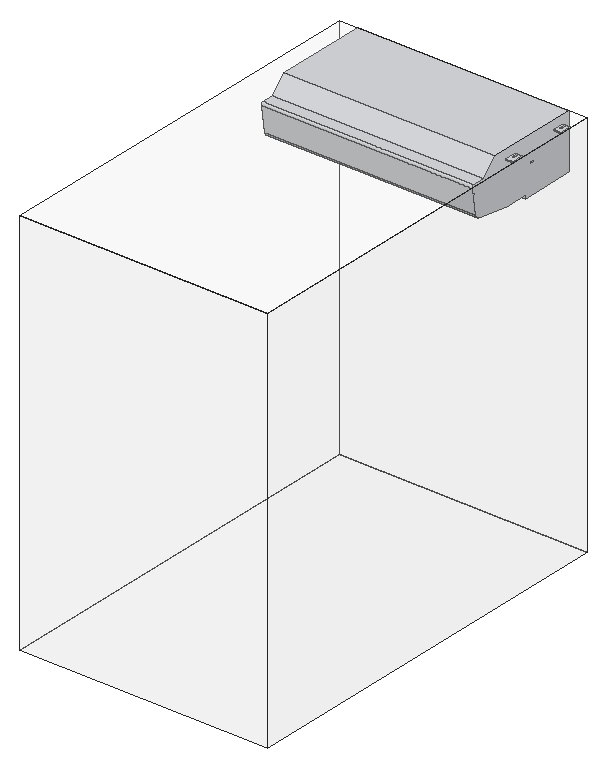
Revit family "pc-rp80_140ha17_60Hz", category 機械設備, Revit 2019
Family settings
  丸型コネクタ寸法 = 直径を使用
  パーツ タイプ = 標準
  OmniClass 番号 = 23.75.10.24.21.27.27
  OmniClass タイトル = Split System Air Conditioning Units
  作業面ベース = いいえ
  常に垂直 = はい
  ロード時にボイドで切り取り = いいえ
  共有 = いいえ
  部屋計算ポイント = はい
Parameters (values of type "厨房天吊_PC-RP80HA17")
  風量_強 (m3/min) = 17
  風量_弱 (m3/min) = 15
  風量 = MAX風量  # 1020.0 m³/h
  音響パワーレベル（弱）(dB) = 55
  音響パワーレベル(dB) = 57
  電源種別 = ""
  電源_H = 0 mm
  電圧_電気ヒーター = 0 V
  電圧 = 200 V
  電動機出力_送風機 = 0.04 kW
  運転質量 = 0.00 kg
  連動 = ""
  質量 = if(製品質量 > 運転質量, 製品質量, 運転質量) * 1.2  # 50.40 kg
  負荷分類 = 3_ファン類
  構成品番 = "PC-RP80HA17"
  冷媒液管位置 = 175 mm
  冷媒ガス管位置 = 197 mm
  ドレン管径 (外径) = 32 mm
  MIN風量 = [風量_弱 (m3/min)] * 60.0 m³/h  # 900.0 m³/h
  MAX風量 = [風量_強 (m3/min)] * 60.0 m³/h  # 1020.0 m³/h
  サービススペース = yes
  ケーブルサイズ = 0 mm
  Version = ""
  URL = "https://www.mitsubishielectric.co.jp/ldg/wink/ssl/displayProduct.do?pid=311481"
  Line = not(Width = 1136 mm)  # no
  説明 = "店舗・事務所用パッケージエアコン(Mr.SLIM) 厨房用(天吊形)"
  設計暖房能力 = 0.00 kW
  設計冷房能力_顕熱 = 0 kW
  設計冷房能力 = 0 kW
  設置方法 = "天井吊形"
  記号 = ""
  製造元 = "三菱電機株式会社"
  製品質量 = 42.00 kg
  製品出荷対象 = "国内"
  製品リリース年月 = "2021/05/10"
  製品グループ = ""
  系統 = ""
  符号 = "PAC_CRK"
  積算_科目 = "1 空気調和設備"
  積算_拾い区分 [instance] = ""
  相 = 1
  盤記号 = ""
  発停方法 = "付属スイッチ"
  特殊仕様 = ""
  火災停止 = ""
  消費電力_電気ヒーター = 0.00 kW
  消費電力_暖房 = 0.14 kW
  消費電力_加湿器 = 0.00 kW
  消費電力_冷房 = 0.14 kW
  消費電力 = if(消費電力_冷房 > 消費電力_暖房, 消費電力_冷房, 消費電力_暖房) + 消費電力_加湿器 + 消費電力_電気ヒーター  # 0.14 kW
  法定耐用年数 = "6"
  極数 = 1
  材質 = ""
  本体マテリアル = none
  有効加湿量 = 0
  暖房能力 = 8.00 kW
  推奨ブレーカー容量 = 0 A
  形式_加湿器 = ""
  形式 = "厨房用天井吊（露出）形"
  幹線記号 = ""
  始動方式 = "直入"
  呼称 = "室内機_厨房用天井吊（露出）形"
  周波数 = 60 Hz
  吊り位置Y = 320 mm
  吊り位置X = 1180 mm
  吊りボルト_H = 43 mm
  台数_手元リモコン = ""
  台数_冷媒分岐ユニット = ""
  参照している仕様書等のバージョン = "公共建築工事標準仕様書（機械設備工事編）平成31年度版"
  加湿給水管径 = 0.00 mm
  分類コード = "50053003123100"
  分類グループ = ""
  冷房能力 = 7.1 kW
  冷媒高低圧ガス管径 = 0.00 mm
  冷媒管径符号 = "Bd"
  冷媒管径 = 100.00 mm
  冷媒液管高さ = 165 mm
  冷媒液管径 = 9.52 mm
  冷媒ガス管高さ = 165 mm
  冷媒ガス管径 = 15.88 mm
  企業コード = "108420"
  付属品_フィルター = ""
  付属品 = ""
  仕様書バージョン = "Version1.0"
  Model = ""
  パネルマテリアル = none
  ドレン管高さ = 254 mm
  ドレン管径 = 25.00 mm
  コメント [instance] = ""
  ケーブル種類 = ""
  Width = 1136 mm
  Uniclass2015Version = "Systems v1.9"
  Uniclass2015Title = "Split coil remote air cooled condensing units"
  Uniclass2015Code = "Pr_70_65_03_84"
  SpecificationReference = ""
  SpecificationDescription = ""
  S_H = 295 mm
  Revision = ""
  ProductInformation = ""
  OmniClassCode = "23-33 17 13 11"
  IfcTypeProduct = ""
  IfcProduct = ""
  IfcExportType = "AIRCONDITIONINGUNIT"
  IfcExportAs = "IfcUnitaryEquipmentType"
  Height = 280 mm
  Depth = 650 mm
  価格 = 470000
  Clearance Top = 2 mm
  Clearance Right = 100 mm
  Clearance Left = 100 mm
  Clearance Front = 1500 mm
  Clearance Bottom = 1800 mm
  Clearance Back = 0 mm
  Author = "三菱電機株式会社"
Types (2, lengths in mm): name | 風量_強 (m3/min) | 風量_弱 (m3/min) | 風量 | 音響パワーレベル（弱）(dB) | 音響パワーレベル(dB) | 電動機出力_送風機 | 質量 | 構成品番 | MIN風量 | MAX風量 | URL | Line | 製品質量 | 消費電力_暖房 | 消費電力_冷房 | 消費電力 | 暖房能力 | 吊り位置X | 冷房能力 | Width | 価格
  厨房天吊_PC-RP140HA17 | 38 | 28 | 2280.0 m³/h | 61 | 68 | 0.16 kW | 67.20 kg | "PC-RP140HA17" | 1680.0 m³/h | 2280.0 m³/h | "https://www.mitsubishielectric.co.jp/ldg/wink/ssl/displayProduct.do?pid=311482" | yes | 56.00 kg | 0.34 kW | 0.34 kW | 0.34 kW | 14.00 kW | 1564 | 12.5 kW | 1520 | 580000
  厨房天吊_PC-RP80HA17 | 17 | 15 | 1020.0 m³/h | 55 | 57 | 0.04 kW | 50.40 kg | "PC-RP80HA17" | 900.0 m³/h | 1020.0 m³/h | "https://www.mitsubishielectric.co.jp/ldg/wink/ssl/displayProduct.do?pid=311481" | no | 42.00 kg | 0.14 kW | 0.14 kW | 0.14 kW | 8.00 kW | 1180 | 7.1 kW | 1136 | 470000
Reference planes
  plane 1 "中心(正面/背面)": y = 0
  plane 2: z = 0
  plane 3 "中心(左/右)": x = 0
  plane 4: x = 523
  plane 5: z = 3835
  plane 6: x = 438
  plane 7: z = 3835
  plane 8: x = 463
  plane 9: z = 3746
  plane 10: x = 668
  plane 11: x = 568
  plane 12: x = -668
  plane 13: x = -568
  plane 14: y = -650
  plane 15: z = -280
  plane 16: y = -2150
  plane 17: x = -590
  plane 18: x = 590
  plane 19: z = -2095
  plane 20: z = -295
  plane 21: x = 558.3
  plane 22: y = -80
  plane 23: y = -400
  plane 24: y = -325
  plane 25: y = -197
  plane 26: y = -175
  plane 27: y = -70
  plane 28: z = -43
  plane 29: z = -165
  plane 30: z = -254
  plane 31: x = 523
  plane 32: x = 438
  plane 33: x = 463
  plane 34: x = 463
  plane 35: z = 3746
  plane 36: z = 2
  plane 37: z = -95
  plane 38: z = -165
Forms (mm)
  Extrusion 1, solid
    sketch origin (0, -325, -4000) x (0, 1, 0) y (0, 0, 1)
      loop
        line (325, 4000) -> (-171.734, 4000) -> (-246.938, 3924.796) -> (-313.202, 3924.796)
        arc (-313.202, 3924.796) -> (-322.395, 3920.509) -> (-325.02, 3910.712) r 12
        line (-325.02, 3910.712) -> (-299.97, 3768.648)
        arc (-299.97, 3768.648) -> (-294.972, 3759.046) -> (-285.369, 3754.047) r 18
        line (-285.369, 3754.047) -> (-92.277, 3720) -> (35.069, 3720) -> (35.069, 3705) -> (325, 3705) -> (325, 4000)
    from -568 to 568
  Extrusion 2, solid, detail levels fine
    sketch origin (0, 0, 0) x (0, 0, -1) y (-1, 0, 0)
      loop
        circle (165.005, -523) r 7.94
    from -325 to -197
  Extrusion 3, solid, detail levels fine
    sketch origin (0, 0, 0) x (0, 0, -1) y (-1, 0, 0)
      loop
        circle (165.005, -438) r 4.76
    from -175 to -325
  Extrusion 4, solid, detail levels fine
    sketch origin (0, 0, 0) x (0, 0, -1) y (-1, 0, 0)
      loop
        circle (254.005, -463) r 16
    from -70 to -325
  Extrusion 5, solid, detail levels fine
    sketch origin (0, 0, -4000) x (1, 0, 0) y (0, 1, 0)
      loop
        line (568, -370) -> (568, -430) -> (612, -430) -> (612, -370) -> (595, -370) -> (595, -400)
        arc (595, -400) -> (590, -405) -> (585, -400) r 5
        line (585, -400) -> (585, -370) -> (568, -370)
    from 3954.5 to 3959.5
  Extrusion 6, solid, detail levels fine
    sketch origin (0, 320, -4000) x (1, 0, 0) y (0, 1, 0)
      loop
        line (568, -370) -> (568, -430) -> (612, -430) -> (612, -370) -> (595, -370) -> (595, -400)
        arc (595, -400) -> (590, -405) -> (585, -400) r 5
        line (585, -400) -> (585, -370) -> (568, -370)
    from 3954.5 to 3959.5
  Extrusion 7, solid, detail levels fine
    sketch origin (-1180, 0, -4000) x (1, 0, 0) y (0, 1, 0)
      loop
        line (568, -370) -> (568, -430) -> (612, -430) -> (612, -370) -> (595, -370) -> (595, -400)
        arc (595, -400) -> (590, -405) -> (585, -400) r 5
        line (585, -400) -> (585, -370) -> (568, -370)
    from 3954.5 to 3959.5
  Extrusion 8, solid, detail levels fine
    sketch origin (-1180, 320, -4000) x (1, 0, 0) y (0, 1, 0)
      loop
        line (568, -370) -> (568, -430) -> (612, -430) -> (612, -370) -> (595, -370) -> (595, -400)
        arc (595, -400) -> (590, -405) -> (585, -400) r 5
        line (585, -400) -> (585, -370) -> (568, -370)
    from 3954.5 to 3959.5
  Extrusion 9, solid, detail levels fine
    sketch origin (-3.482, 0, 0) x (1, 0, 0) y (0, 0, 1)
      loop
        circle (483.982, -165) r 50
    from 0 to 5
  Extrusion 10, solid, detail levels fine
    sketch origin (0, 160, 0) x (0, 0, -1) y (-1, 0, 0)
      loop
        circle (254.005, -463) r 16
    from -160 to -165
Lines and regions (mm)
  model lines, detail levels fine
    curve 1: line (-493, -647.647, -102.744) -> (-493, -628.546, -211.073)
    curve 2: line (493, -647.647, -102.744) -> (493, -628.546, -211.073)
    curve 3: line (-493, -647.647, -102.744) -> (493, -647.647, -102.744)
    curve 4: line (493, -628.546, -211.073) -> (-493, -628.546, -211.073)
Dimensions and locks
  equal spacing: plane 13, plane 3 "中心(左/右)", plane 11
  "Width": plane 13 to plane 11
  "Clearance Right": plane 11 to plane 10
  "Clearance Left": plane 12 to plane 13
  "Depth": plane 14 to plane 1 "中心(正面/背面)"
  "Height": level to plane 15
  "Clearance Front": plane 16 to plane 14
  equal spacing: plane 17, plane 3 "中心(左/右)", plane 18
  "吊り位置X": plane 17 to plane 18
  "S_H": level to plane 20
  locked: plane 21 to plane 11 at 9.7
  locked: plane 22 to plane 1 "中心(正面/背面)" at 80
  "吊り位置Y": plane 22 to plane 23
  plane 27 to plane 1 "中心(正面/背面)" = 70 mm
  "冷媒液管位置": plane 26 to plane 1 "中心(正面/背面)"  (x2)
  "冷媒ガス管位置": plane 25 to plane 1 "中心(正面/背面)"  (x2)
  plane 24 to plane 25 = 128 mm
  plane 24 to plane 26 = 150 mm
  "Clearance Bottom": plane 20 to plane 19
  "吊りボルト_H": level to plane 28
  level to plane 29 = 165 mm
  level to plane 30 = 254 mm
  plane 31 to plane 11 = 45 mm
  plane 32 to plane 31 = 85 mm
  plane 33 to plane 11 = 105 mm
  "Clearance Back": plane 1 "中心(正面/背面)" to nested 1
  equal spacing: plane 32, Extrusion 9 sketch curve, plane 31
  "Clearance Top": plane 36 to plane 2
  "冷媒ガス管高さ": plane 2 to plane 29
  "冷媒液管高さ": Extrusion 1 to plane 38
  "冷媒液管径": diameter of Extrusion 3 sketch curve
  "冷媒ガス管径": diameter of Extrusion 2 sketch curve
  "ドレン管径 (外径)": diameter of Extrusion 4 sketch curve
  "ドレン管径 (外径)": diameter of Extrusion 10 sketch curve
  aligned and locked: level to plane 2
  aligned and locked: plane 11 to Extrusion 1
  aligned and locked: plane 13 to Extrusion 1
  aligned and locked: plane 12 to nested 1
  aligned and locked: nested 1 to plane 10
  aligned and locked: plane 17 to nested 2
  aligned and locked: nested 2 to plane 18
  aligned and locked: plane 20 to Extrusion 1
  aligned and locked: plane 19 to nested 1
  aligned and locked: plane 21 to nested 3
  aligned and locked: nested 1 to plane 16
  aligned and locked: plane 22 to nested 2
  aligned and locked: plane 23 to nested 2
  aligned and locked: plane 1 "中心(正面/背面)" to nested 1
  aligned and locked: plane 36 to nested 1
Automatic sketch dimensions
  Extrusion 1 sketch curve to level = 0 mm
  Extrusion 1 sketch curve to plane 15 = 0 mm
  Extrusion 1 sketch curve to plane 20 = 0 mm
  Extrusion 1 sketch curve to plane 1 "中心(正面/背面)" = 0 mm
  plane 24 to Extrusion 1 sketch curve = 35.069 mm
  Extrusion 1 sketch curve to plane 23 = 17.277 mm
  Extrusion 1 sketch curve to plane 23 = 96.734 mm
  Extrusion 1 sketch curve to plane 28 = 32.204 mm
  plane 14 to Extrusion 1 sketch curve = 78.062 mm
  plane 14 to Extrusion 1 sketch curve = 42.756 mm
  plane 30 to Extrusion 1 sketch curve = 8.047 mm
  Extrusion 1 sketch curve to Extrusion 1 sketch curve = 3.126 mm
  Extrusion 1 sketch curve to Extrusion 1 sketch curve = 17.727 mm
  plane 14 to Extrusion 1 sketch curve = 11.798 mm
  Extrusion 1 sketch curve to plane 14 = 0.02 mm
  Extrusion 1 sketch curve to Extrusion 1 sketch curve = 14.601 mm
  Extrusion 1 sketch curve to Extrusion 1 sketch curve = 14.084 mm
  Extrusion 1 to curve 3 = 13.664 mm
  curve 2 to Extrusion 1 = 20.591 mm
  Extrusion 1 to curve 1 = 75 mm
  Extrusion 1 to curve 3 = 75 mm
  Extrusion 5 sketch curve to plane 11 = 0 mm
  Extrusion 5 sketch curve to plane 23 = 0 mm
  Extrusion 5 sketch curve to plane 18 = 0 mm
  Extrusion 5 sketch curve to Extrusion 5 sketch curve = 5 mm
  Extrusion 5 sketch curve to plane 18 = 22 mm
  Extrusion 5 sketch curve to plane 23 = 30 mm
  plane 23 to Extrusion 5 sketch curve = 30 mm
  Extrusion 5 sketch curve to Extrusion 5 sketch curve = 0 mm
  Extrusion 6 sketch curve to plane 11 = 0 mm
  Extrusion 6 sketch curve to plane 22 = 0 mm
  Extrusion 6 sketch curve to plane 18 = 0 mm
  Extrusion 6 sketch curve to Extrusion 6 sketch curve = 5 mm
  Extrusion 6 sketch curve to plane 18 = 22 mm
  Extrusion 6 sketch curve to plane 22 = 30 mm
  plane 27 to Extrusion 6 sketch curve = 20 mm
  Extrusion 6 sketch curve to Extrusion 6 sketch curve = 0 mm
  Extrusion 7 sketch curve to plane 23 = 0 mm
  Extrusion 7 sketch curve to plane 17 = 0 mm
  Extrusion 7 sketch curve to plane 13 = 0 mm
  Extrusion 7 sketch curve to plane 17 = 5 mm
  Extrusion 7 sketch curve to plane 17 = 22 mm
  Extrusion 7 sketch curve to plane 23 = 30 mm
  plane 23 to Extrusion 7 sketch curve = 30 mm
  Extrusion 7 sketch curve to Extrusion 7 sketch curve = 0 mm
  Extrusion 8 sketch curve to plane 22 = 0 mm
  Extrusion 8 sketch curve to plane 17 = 0 mm
  Extrusion 8 sketch curve to plane 13 = 0 mm
  Extrusion 8 sketch curve to plane 17 = 5 mm
  Extrusion 8 sketch curve to plane 17 = 22 mm
  Extrusion 8 sketch curve to plane 22 = 30 mm
  plane 27 to Extrusion 8 sketch curve = 20 mm
  Extrusion 8 sketch curve to Extrusion 8 sketch curve = 0 mm
  Extrusion 9 sketch curve to plane 29 = 0 mm
  Extrusion 1 to Extrusion 2 sketch curve = 45 mm
  Extrusion 2 sketch curve to Extrusion 1 = 129.995 mm
  Extrusion 3 sketch curve to Extrusion 1 = 129.995 mm
  Extrusion 1 to Extrusion 3 sketch curve = 130 mm
  Extrusion 4 sketch curve to Extrusion 1 = 40.995 mm
  Extrusion 1 to Extrusion 4 sketch curve = 105 mm
  plane 33 to Extrusion 10 sketch curve = 0 mm
  Extrusion 10 sketch curve to plane 30 = 0.005 mm
  radius of Extrusion 9 sketch curve = 50 mm
Nested families
  nested 1: "サービススペース" at (0, -1075, -1046.5), visible <- "サービススペース", type "サービススペース"
    with Width 1336 mm, Height 2097 mm, Depth 2150 mm
  nested 2: "固定点" at (-590, -400, 0), type "固定点"
    with W 1180 mm, D 320 mm
  nested 3: "吸込口" at (-192, 0, -4000), Width <- "Width", type "吸込口"
    with Width 1136 mm, Line no
Connectors
  piping at (480.5, 0, -165), diameter 100, driven by "冷媒管径", driven by "冷媒管径符号"
    settings: on Extrusion 9, index 1, connector inside diameter 609.60 mm, connector length 0 mm, flow factor 0, pipe flow 0.0 L/s, pressure drop 0.0 Pa, fitting loss kfactor 0, connector angle 0.00°, fixture units 0, engagement length 0 mm, angle of deflection 0.00°, flow configuration 1, flow direction 1, fitting loss method 4, system type 7, joint type 0, gender type 0, connector reference index -1, connector utility 0, adjustable connector no, is connector primary yes, connector description "Bd"
  piping at (463, 0, -254.005), diameter 32, driven by "ドレン管径 (外径)"
    settings: on Extrusion 10, index 2, connector inside diameter 609.60 mm, connector length 0 mm, flow factor 0, pipe flow 0.0 L/s, pressure drop 0.0 Pa, fitting loss kfactor 0, connector angle 0.00°, fixture units 0, engagement length 0 mm, angle of deflection 0.00°, flow configuration 1, flow direction 2, fitting loss method 4, system type 16, joint type 0, gender type 0, connector reference index -1, connector utility 0, adjustable connector no, is connector primary no, connector description ""
  electrical at (568, -417.216, -169.727), driven by "極数", driven by "負荷分類", driven by "電圧", driven by "消費電力"
    settings: on Extrusion 1, index 3, voltage 200 V, apparent load 140 VA, apparent load phase1 0 VA, apparent load phase2 0 VA, apparent load phase3 0 VA, power factor 1, load classification "3_ファン類", number of poles 1, system type 30, power factor state 1, is connector primary yes, connector utility no, sub classification motor no, connector description ""
Definition of nested family "サービススペース"
  Parameters (values of type "サービススペース")
    Width [instance] = 500 mm
    Height [instance] = 500 mm
    Depth [instance] = 500 mm
  Reference planes
    plane 1 "中心(正面/背面)": y = 0
    plane 2: z = 0
    plane 3 "中心(左/右)": x = 0
    plane 4: y = -250
    plane 5: x = 250
    plane 6: y = 250
    plane 7: x = -250
    plane 8: z = 250
    plane 9: z = -250
  Forms (mm)
    Extrusion 1, solid
      sketch origin (-638.939, 0, 72.39) x (1, 0, 0) y (0, 1, 0)
        loop
          line (388.939, 250) -> (388.939, -250) -> (888.939, -250) -> (888.939, 250) -> (388.939, 250)
      from -322.39 to 177.61
  Lines and regions (mm)
    symbolic lines
      curve 1: line (-250, 0, 250) -> (250, 0, 250)
      curve 2: line (-250, 0, -250) -> (-250, 0, 250)
      curve 3: line (250, 0, -250) -> (-250, 0, -250)
      curve 4: line (250, 0, 250) -> (250, 0, -250)
      curve 5: line (0, -250, 250) -> (0, 250, 250)
      curve 6: line (0, -250, -250) -> (0, -250, 250)
      curve 7: line (0, 250, -250) -> (0, -250, -250)
      curve 8: line (0, 250, 250) -> (0, 250, -250)
      curve 9: line (-250, 250, 0) -> (250, 250, 0)
      curve 10: line (-250, -250, 0) -> (-250, 250, 0)
      curve 11: line (250, -250, 0) -> (-250, -250, 0)
      curve 12: line (250, 250, 0) -> (250, -250, 0)
  Dimensions and locks
    equal spacing: plane 7, plane 3 "中心(左/右)", plane 5
    equal spacing: plane 4, plane 1 "中心(正面/背面)", plane 6
    "Depth": plane 4 to plane 6
    "Width": plane 7 to plane 5
    equal spacing: plane 8, plane 2, plane 9
    "Height": plane 8 to plane 9
    aligned and locked: plane 9 to curve 3
    aligned and locked: plane 7 to curve 2
    aligned and locked: curve 4 to plane 5
    aligned and locked: plane 5 to Extrusion 1
    aligned and locked: Extrusion 1 to plane 7
    aligned and locked: Extrusion 1 to plane 9
    aligned and locked: plane 8 to Extrusion 1
    aligned and locked: plane 9 to curve 7
  Automatic sketch dimensions
    plane 4 to Extrusion 1 sketch curve = 0 mm
    Extrusion 1 sketch curve to plane 7 = 0 mm
    Extrusion 1 sketch curve to plane 5 = 0 mm
    plane 6 to Extrusion 1 sketch curve = 0 mm
    curve 2 to plane 8 = 0 mm
    plane 4 to curve 11 = 0 mm
    curve 11 to plane 7 = 0 mm
    curve 11 to plane 5 = 0 mm
    plane 6 to curve 10 = 0 mm
    curve 7 to plane 4 = 0 mm
    curve 7 to plane 6 = 0 mm
    curve 6 to plane 8 = 0 mm
Definition of nested family "固定点"
  Parameters (values of type "固定点")
    中心円 = 20 mm
    W [instance] = 1000 mm
    D [instance] = 1000 mm
  Reference planes
    plane 1 "中心(正面/背面)": y = 0
    plane 2: z = 0
    plane 3 "中心(左/右)": x = 0
    plane 4: x = 1000
    plane 5: y = 1000
  Lines and regions (mm)
    symbolic lines, detail levels fine
      curve 1: circle (0, 1000, 0) r 10 normal (0, 0, 1)
      curve 2: circle (0, 0, 0) r 10 normal (0, 0, 1)
      curve 3: circle (1000, 1000, 0) r 10 normal (0, 0, 1)
      curve 4: circle (1000, 0, 0) r 10 normal (0, 0, 1)
      curve 5: line (-200, 1000, 0) -> (1200, 1000, 0)
      curve 6: line (-200, 0, 0) -> (1200, 0, 0)
      curve 7: line (0, 1200, 0) -> (0, -200, 0)
      curve 8: line (1000, 1200, 0) -> (1000, -200, 0)
  Dimensions and locks
    "W": plane 3 "中心(左/右)" to plane 4
    "D": plane 1 "中心(正面/背面)" to plane 5
    "中心円": diameter of curve 1
    "中心円": diameter of curve 2
    "中心円": diameter of curve 3
    "中心円": diameter of curve 4
    aligned and locked: level to plane 2
    aligned and locked: plane 5 to curve 1
    aligned and locked: plane 3 "中心(左/右)" to curve 1
    aligned and locked: plane 3 "中心(左/右)" to curve 2
    aligned and locked: plane 1 "中心(正面/背面)" to curve 2
    aligned and locked: plane 4 to curve 3
    aligned and locked: plane 5 to curve 3
    aligned and locked: plane 1 "中心(正面/背面)" to curve 4
    aligned and locked: plane 4 to curve 4
    aligned and locked: plane 1 "中心(正面/背面)" to curve 6
    aligned and locked: curve 7 to plane 3 "中心(左/右)"
    aligned and locked: curve 8 to plane 4
  Automatic sketch dimensions
    curve 5 to plane 5 = 0 mm
    curve 6 to plane 3 "中心(左/右)" = 200 mm
    curve 5 to plane 3 "中心(左/右)" = 200 mm
    curve 4 to curve 6 = 200 mm
    curve 3 to curve 5 = 200 mm
    plane 1 "中心(正面/背面)" to curve 8 = 200 mm
    plane 1 "中心(正面/背面)" to curve 7 = 200 mm
    curve 3 to curve 8 = 200 mm
    curve 1 to curve 7 = 200 mm
Definition of nested family "吸込口"
  Parameters (values of type "吸込口")
    Width [instance] = 1136 mm
    Line [instance] = not(Width = 1136 mm)  # no
  Reference planes
    plane 1 "Center (Front/Back)": y = 0
    plane 2: z = 0
    plane 3 "Center (Left/Right)": x = 0
  Lines and regions (mm)
    model lines, visible <- "Line", detail levels fine
      curve 1: line (-376.3, -289.931, 3705) -> (-376.3, 0, 3705)
      curve 12: line (-391.3, 0, 3705) -> (-391.3, -289.931, 3705)
      curve 13: line (-750.3, -274.931, 3705) -> (-750.3, -15, 3705)
      curve 14: line (-401.3, -15, 3705) -> (-401.3, -274.931, 3705)
      curve 15: line (-750.3, -15, 3705) -> (-401.3, -15, 3705)
      curve 16: line (-401.3, -274.931, 3705) -> (-750.3, -274.931, 3705)
      curve 17: line (-750.3, -54.429, 3705) -> (-595.903, -274.931, 3705)
      curve 18: line (-401.3, -55, 3705) -> (-555.297, -274.931, 3705)
      curve 19: line (-750.3, -235.571, 3705) -> (-595.854, -15, 3705)
      curve 20: line (-401.3, -235, 3705) -> (-555.346, -15, 3705)
      curve 21: line (-750.3, -274.931, 3705) -> (-750.3, -15, 3705)
      curve 40: line (750.3, -274.931, 3705) -> (750.3, -15, 3705)
    model lines, detail levels fine
      curve 2: line (-7.7, 0, 3705) -> (-7.7, -289.931, 3705)
      curve 3: line (-366.3, -274.931, 3705) -> (-366.3, -15, 3705)
      curve 4: line (-17.7, -15, 3705) -> (-17.7, -274.931, 3705)
      curve 5: line (-366.3, -15, 3705) -> (-17.7, -15, 3705)
      curve 6: line (-17.7, -274.931, 3705) -> (-366.3, -274.931, 3705)
      curve 7: line (-366.3, -55, 3705) -> (-212.303, -274.931, 3705)
      curve 8: line (-17.7, -55, 3705) -> (-171.697, -274.931, 3705)
      curve 9: line (-366.3, -235, 3705) -> (-212.254, -15, 3705)
      curve 10: line (-17.7, -235, 3705) -> (-171.746, -15, 3705)
      curve 11: line (7.3, -289.931, 3705) -> (7.3, 0, 3705)
      curve 22: line (376.3, -289.931, 3705) -> (376.3, 0, 3705)
      curve 23: line (366.3, -274.931, 3705) -> (366.3, -15, 3705)
      curve 24: line (17.7, -15, 3705) -> (17.7, -274.931, 3705)
      curve 25: line (366.3, -15, 3705) -> (17.7, -15, 3705)
      curve 26: line (17.7, -274.931, 3705) -> (366.3, -274.931, 3705)
      curve 27: line (366.3, -55, 3705) -> (212.303, -274.931, 3705)
      curve 28: line (17.7, -55, 3705) -> (171.697, -274.931, 3705)
      curve 29: line (366.3, -235, 3705) -> (212.254, -15, 3705)
      curve 30: line (17.7, -235, 3705) -> (171.746, -15, 3705)
      curve 31: line (391.3, 0, 3705) -> (391.3, -289.931, 3705)
      curve 32: line (750.3, -274.931, 3705) -> (750.3, -15, 3705)
      curve 33: line (401.3, -15, 3705) -> (401.3, -274.931, 3705)
      curve 34: line (750.3, -15, 3705) -> (401.3, -15, 3705)
      curve 35: line (401.3, -274.931, 3705) -> (750.3, -274.931, 3705)
      curve 36: line (750.3, -54.429, 3705) -> (595.903, -274.931, 3705)
      curve 37: line (401.3, -55, 3705) -> (555.297, -274.931, 3705)
      curve 38: line (750.3, -235.571, 3705) -> (595.854, -15, 3705)
      curve 39: line (401.3, -235, 3705) -> (555.346, -15, 3705)
  Dimensions and locks
    aligned and locked: level to plane 2
